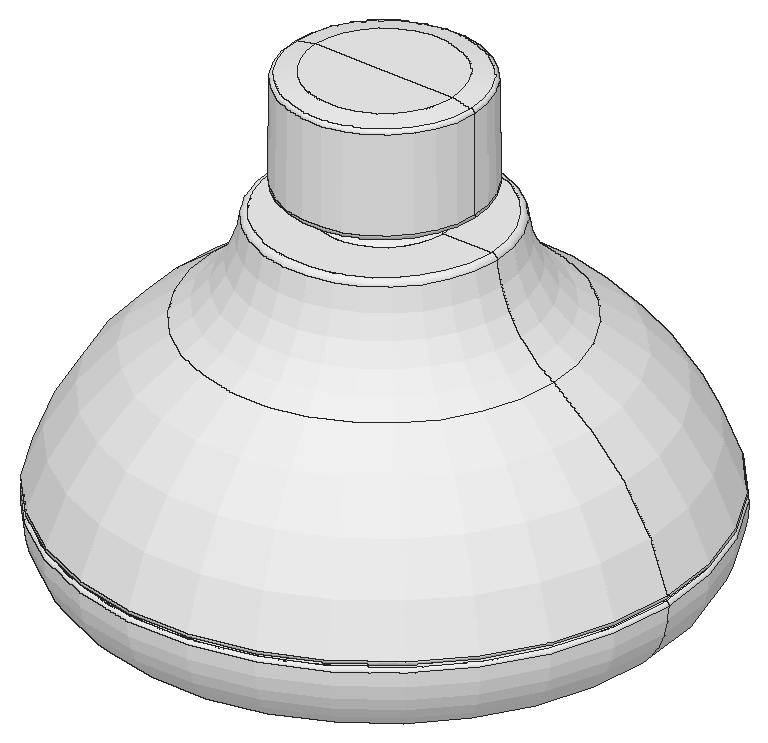
Revit family "Shower_Head-GROHE-New_Tempesta_100-27606001", category Plumbing Fixtures, Revit 2014
Parameters (values of type "27606001")
  cUPC Compliant = yes
  Width = 3 15/16"
  Waste Connection = no
  Warranty Documentation Link = "https://cdn.cloud.grohe.com/tpi/1000/1900/1940/1949/1949006/original/1949006.pdf"
  WFU = 4  # constant formula
  Vent Connection = no
  URL = "http://www.grohe.com/"
  Tempered Water Connection Radius = 1/4"  # constant formula
  Tempered Water Connection Diameter = Tempered Water Connection Radius * 2  # 1/2"
  Product Page URL = "https://www.grohe.us/en_us/new-tempesta-100-shower-head-4-sprays-27606001.html"
  Price = "Prices may vary. Please consult Manufacturer Representative for most up-to-date price list."  # constant formula
  Model = "27606001"
  Material = "Metal-Grohe-001-Chrome"
  Manufacturer = "GROHE"
  Hot Water Connection Radius = Tempered Water Connection Radius  # 1/4"
  Hot Water Connection Diameter = Hot Water Connection Radius * 2  # 1/2"
  Height = 3 3/8"  # constant formula
  HWFU = 3  # constant formula
  HW Connection = yes
  Flow Rate = "2.5 gpm (9.5 L/min)"  # constant formula
  Finish = Metal-Grohe-001-Chrome
  Description = "New Tempesta 100 Shower Head 4 Sprays"  # constant formula
  Default Elevation = 0"
  Creation Date = "01/30/2018"  # constant formula
  Cold Water Connection Radius = Hot Water Connection Radius  # 1/4"
  Cold Water Connection Diameter = Cold Water Connection Radius * 2  # 1/2"
  CWFU = 3  # constant formula
  CW Connection = yes
  Assembly Code = "D2010700"
Reference planes (in)
  plane 1 "Center (Front/Back)": y = 0
  plane 2: z = 0
  plane 3 "Center (Left/Right)": x = 0
  plane 4: x = 1.96875
  plane 5: x = -1.96875
  plane 6: z = -3.375
Forms (in)
  Revolve 1, solid, material "Metal-Grohe-001-Chrome" <- "Finish"
    sketch origin (0, 0, 0) x (1, 0, 0) y (0, 0, 1)
      loop
        arc (-0.62972, -0.67133) -> (-0.6206, -0.69385) -> (-0.59818, -0.70321) r 0.03154
        line (-0.59818, -0.70321) -> (-0.41069, -0.70321)
        arc (-0.41069, -0.70321) -> (-0.3778, -0.71684) -> (-0.36417, -0.74972) r 0.04651
        line (-0.36417, -0.74972) -> (-0.36417, -0.82262) -> (-0.40709, -0.86554) -> (-0.74056, -0.86554)
        arc (-0.74056, -0.86554) -> (-0.76778, -0.87599) -> (-0.78101, -0.90198) r 0.04067
        arc (-0.78101, -0.90198) -> (-0.90437, -1.25896) -> (-1.17265, -1.52482) r 0.83338
        arc (-1.17265, -1.52482) -> (-1.66508, -1.97021) -> (-1.96552, -2.56232) r 1.8244
        arc (-1.96552, -2.56232) -> (-1.96259, -2.5786) -> (-1.94781, -2.58601) r 0.01846
        line (-1.94781, -2.58601) -> (-1.87857, -2.58601)
        arc (-1.87857, -2.58601) -> (-1.8921, -2.60018) -> (-1.91089, -2.60569) r 0.03785
        line (-1.91089, -2.60569) -> (-1.94601, -2.60569)
        arc (-1.94601, -2.60569) -> (-1.96222, -2.61224) -> (-1.96934, -2.62821) r 0.02334
        arc (-1.96934, -2.62821) -> (-1.92553, -2.85715) -> (-1.78678, -3.04445) r 0.52409
        line (-1.78678, -3.04445) -> (-1.74698, -3.04445)
        arc (-1.74698, -3.04445) -> (-1.09286, -3.20346) -> (-0.42508, -3.28845) r 6.02086
        arc (-0.42508, -3.28845) -> (-0.37308, -3.33631) -> (-0.30969, -3.36754) r 0.24765
        arc (-0.30969, -3.36754) -> (-0.28646, -3.37312) -> (-0.26264, -3.375) r 0.15209
        line (-0.26264, -3.375) -> (0, -3.375) -> (0, 0) -> (-0.47124, 0) -> (-0.6012, -0.02292)
        arc (-0.6012, -0.02292) -> (-0.61677, -0.03185) -> (-0.62305, -0.04867) r 0.02644
        line (-0.62305, -0.04867) -> (-0.62972, -0.67133)
      axis (0, 0) -> (0, -3.375)
    angle from 0 to 360
Lines and regions (in)
  Masking region 1
    outline origin (0, 0, 0) x (1, 0, 0) y (0, 1, 0)
      loop
        circle (0, 0) r 1.97255
  symbolic lines, detail levels medium+fine
    curve 1: circle (0, 0, 0) r 0.47124 normal (0, 0, 1)
  symbolic lines, detail levels fine
    curve 2: circle (0, 0, 0) r 0.36417 normal (0, 0, 1)
Dimensions and locks (in)
  equal spacing: plane 5, plane 3 "Center (Left/Right)", plane 4
  "Width": plane 4 to plane 5
  "Height": level to plane 6
  aligned and locked: Revolve 1 sketch curve to plane 3 "Center (Left/Right)"
Automatic sketch dimensions
  Revolve 1 sketch curve to level = 0"
  Revolve 1 sketch curve to plane 6 = 0"
  Revolve 1 sketch curve to plane 3 "Center (Left/Right)" = 0"  (x2)
  Revolve 1 sketch curve to plane 3 "Center (Left/Right)" = 0.21551"
  Revolve 1 sketch curve to Revolve 1 sketch curve = 0.01756"
  Revolve 1 sketch curve to Revolve 1 sketch curve = 0.02957"
  Revolve 1 sketch curve to plane 3 "Center (Left/Right)" = 0.36417"
  Revolve 1 sketch curve to Revolve 1 sketch curve = 0.04291"  (x2)
  Revolve 1 sketch curve to Revolve 1 sketch curve = 0.04651"
  Revolve 1 sketch curve to Revolve 1 sketch curve = 0.47124"
  Revolve 1 sketch curve to level = 0.04895"
  Revolve 1 sketch curve to Revolve 1 sketch curve = 0.12537"
  Revolve 1 sketch curve to Revolve 1 sketch curve = 3/16"
  Revolve 1 sketch curve to level = 0.02292"
  Revolve 1 sketch curve to Revolve 1 sketch curve = 0.00459"
  Revolve 1 sketch curve to level = 0.04867"
  Revolve 1 sketch curve to Revolve 1 sketch curve = 0.03154"  (x2)
  Revolve 1 sketch curve to Revolve 1 sketch curve = 0.14238"
  Revolve 1 sketch curve to plane 5 = 0.52318"
  Revolve 1 sketch curve to plane 5 = 0.35888"
  Revolve 1 sketch curve to plane 5 = 0.22177"
  Revolve 1 sketch curve to Revolve 1 sketch curve = 0.0398"
  Revolve 1 sketch curve to plane 5 = 0.09018"
  Revolve 1 sketch curve to Revolve 1 sketch curve = 0.03232"
  Revolve 1 sketch curve to Revolve 1 sketch curve = 0.00089"
  Revolve 1 sketch curve to plane 5 = 0.02274"
  Revolve 1 sketch curve to Revolve 1 sketch curve = 0.0018"
  Revolve 1 sketch curve to Revolve 1 sketch curve = 0.15209"
  Revolve 1 sketch curve to Revolve 1 sketch curve = 0.09088"
  Revolve 1 sketch curve to Revolve 1 sketch curve = 0.05406"
  plane 6 to Revolve 1 sketch curve = 0.33055"
  Revolve 1 sketch curve to Revolve 1 sketch curve = 0.3978"
  Revolve 1 sketch curve to Revolve 1 sketch curve = 0.41542"
  Revolve 1 sketch curve to Revolve 1 sketch curve = 0.02334"
  Revolve 1 sketch curve to Revolve 1 sketch curve = 0.01969"
  Revolve 1 sketch curve to Revolve 1 sketch curve = 0.01846"
  Revolve 1 sketch curve to Revolve 1 sketch curve = 0.85754"
  Revolve 1 sketch curve to Revolve 1 sketch curve = 0.04067"
  Revolve 1 sketch curve to level = 0.81534"
  Revolve 1 sketch curve to Revolve 1 sketch curve = 0.0729"
  Revolve 1 sketch curve to Revolve 1 sketch curve = 2.71738"
  Revolve 1 sketch curve to Revolve 1 sketch curve = 0"  (x3)
  Revolve 1 sketch curve to Revolve 1 sketch curve = 1.05336"
  Revolve 1 sketch curve to Revolve 1 sketch curve = 1/4"
  plane 1 "Center (Front/Back)" to Masking region 1 sketch curve = 0"
  Masking region 1 sketch curve to plane 3 "Center (Left/Right)" = 0"
  curve 1 to curve 2 = 0"  (x2)
  plane 1 "Center (Front/Back)" to curve 2 = 0"
  curve 2 to plane 3 "Center (Left/Right)" = 0"
  radius of Masking region 1 sketch curve = 1.97255"
  radius of curve 1 = 0.47124"
  radius of curve 2 = 0.36417"
Connectors (in)
  piping at (0, 0, 0), diameter 0.5, driven by "Tempered Water Connection Diameter"
    settings: on Revolve 1, index 1, connector inside diameter 24", connector length 0", flow factor 0, pipe flow 0 GPM, pressure drop 0.00 psi, fitting loss kfactor 0, connector angle 0.00°, fixture units 0, engagement length 0", angle of deflection 0.00°, flow configuration 0, flow direction 1, fitting loss method 0, system type 29, joint type 0, gender type 0, connector reference index -1, connector utility 0, adjustable connector no, is connector primary yes, connector description "1/2\" NPT Supply Inlet"
